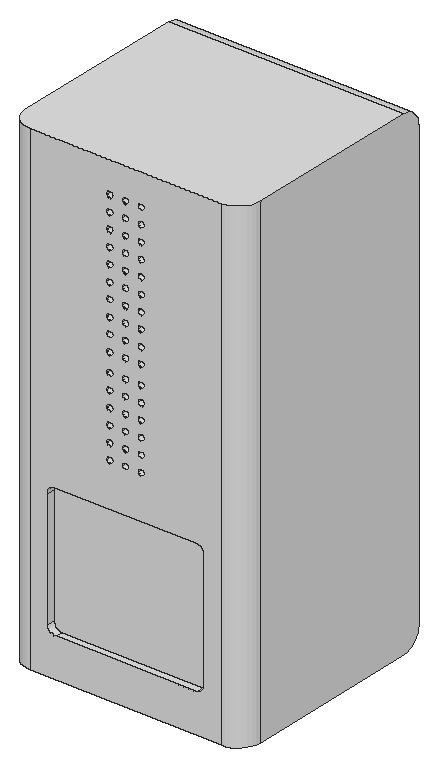
Revit family "PROOX Double toilet roll holder EN", category Furniture, Revit 2014
Parameters (values of type "ONE pure")
  URL = "http://www.proox.com/"
  Type Comments = "ONE pure"
  Product webpage [instance] = "http://www.proox.com/EN/double-toilet-roll-holder-stainless-steel/"
  Product data sheet = "http://www.proox.com/fileadmin/dam/Download/Produktdatenbl%C3%A4tter/english/Productspecification_PU-300.pdf"
  Model = "PU-300"
  Material = PROOX Stainless steel, brushed
  Manufacturer = "PROOX Ltd."  # constant formula
  Keynote = ""
  EAN-No. = "9120050350090"
  Description = "double toilet roll holder PROOX ONE pure made from stainless steel"
  Cost = 215
  BIM objects producer = "www.BIMtelligent.eu"  # constant formula
  Specification = "Double toilet roll holder made out of stainless steel. Surface with fine brushed structure. Cover 1.5 mm thickness. Intended for wall mounting. Perforated filling indicator with 4mm drillings. For two rolls with max. 140mm width and 130mm diameter. Second roll drops into position when flap is moved upwards. Works without spindle system. Lock not visible. Includes stainless steel screws and anchors."
Types (3, lengths in mm): name | Type Comments | Product webpage | Product data sheet | Model | Material | EAN-No. | Description | Cost | Specification
  (no name) | "ONE pure" | "http://www.proox.com/EN/double-toilet-roll-holder-stainless-steel/" | "http://www.proox.com/fileadmin/dam/Download/Produktdatenbl%C3%A4tter/english/Productspecification_PU-300.pdf" | "PU-300" | PROOX Stainless steel, brushed | "9120050350090" | "double toilet roll holder PROOX ONE pure made from stainless steel" | 215 | "Double toilet roll holder made out of stainless steel. Surface with fine brushed structure. Cover 1.5 mm thickness. Intended for wall mounting. Perforated filling indicator with 4mm drillings. For two rolls with max. 140mm width and 130mm diameter. Second roll drops into position when flap is moved upwards. Works without spindle system. Lock not visible. Includes stainless steel screws and anchors."
  ONE pure | "ONE pure" | "http://www.proox.com/EN/double-toilet-roll-holder-stainless-steel/" | "http://www.proox.com/fileadmin/dam/Download/Produktdatenbl%C3%A4tter/english/Productspecification_PU-300.pdf" | "PU-300" | PROOX Stainless steel, brushed | "9120050350090" | "double toilet roll holder PROOX ONE pure made from stainless steel" | 215 | "Double toilet roll holder made out of stainless steel. Surface with fine brushed structure. Cover 1.5 mm thickness. Intended for wall mounting. Perforated filling indicator with 4mm drillings. For two rolls with max. 140mm width and 130mm diameter. Second roll drops into position when flap is moved upwards. Works without spindle system. Lock not visible. Includes stainless steel screws and anchors."
  ONE dark passion | "ONE dark passion" | "http://www.proox.com/EN/double-toilet-roll-holder-black/" | "http://www.proox.com/fileadmin/dam/Download/Produktdatenbl%C3%A4tter/english/Productspecification_DP-300.pdf" | "DP-300" | PROOX Aluminum, black anodised | "9120050350212" | "double toilet roll holder PROOX ONE dark passion made from aluminum black anodized" | 245 | "Double toilet roll holder made out from glass pearl blasted and black anodised aluminum. Cover 3 mm thickness. Intended for wall mounting. Perforated filling indicator with 4mm drillings. For two rolls with max. 140mm width and 130mm diameter. Second roll drops into position when flap is moved upwards. Works without spindle system. Lock not visible. Includes stainless steel screws and anchors."
Reference planes
  plane 1 "Center (Front/Back)": y = 0
  plane 2: z = 0
  plane 3 "Center (Left/Right)": x = 0
  plane 4: x = -75
  plane 5: x = 75
  plane 6: y = -140
  plane 7: z = 290
Forms (mm)
  Extrusion 1, solid, detail levels coarse+medium
    sketch origin (0, 0, 0) x (1, 0, 0) y (0, 1, 0)
      loop
        line (-75, 0) -> (-75, -140) -> (75, -140) -> (75, 0) -> (-75, 0)
    from 0 to 310
  Extrusion 2, solid, material "PROOX Stainless steel, brushed" <- "Material", detail levels fine
    sketch origin (0, 0, 0) x (1, 0, 0) y (0, 1, 0)
      loop
        line (-75, 0) -> (-75, -126)
        arc (-75, -126) -> (-70.899, -135.899) -> (-61, -140) r 14
        line (-61, -140) -> (61, -140)
        arc (61, -140) -> (70.899, -135.899) -> (75, -126) r 14
        line (75, -126) -> (75, 0) -> (-75, 0)
    from 0 to 310
  Extrusion 3, void
    sketch origin (0, 0, 0) x (1, 0, 0) y (0, 0, 1)
      loop
        circle (0, 290) r 2
      loop
        circle (-10, 290) r 2
      loop
        circle (10, 290) r 2
      loop
        circle (0, 280) r 2
      loop
        circle (-10, 280) r 2
      loop
        circle (10, 280) r 2
      loop
        circle (0, 270) r 2
      loop
        circle (-10, 270) r 2
      loop
        circle (10, 270) r 2
      loop
        circle (0, 260) r 2
      loop
        circle (-10, 260) r 2
      loop
        circle (10, 260) r 2
      loop
        circle (0, 250) r 2
      loop
        circle (-10, 250) r 2
      loop
        circle (10, 250) r 2
      loop
        circle (0, 240) r 2
      loop
        circle (-10, 240) r 2
      loop
        circle (10, 240) r 2
      loop
        circle (0, 230) r 2
      loop
        circle (-10, 230) r 2
      loop
        circle (10, 230) r 2
      loop
        circle (0, 220) r 2
      loop
        circle (-10, 220) r 2
      loop
        circle (10, 220) r 2
      loop
        circle (0, 210) r 2
      loop
        circle (-10, 210) r 2
      loop
        circle (10, 210) r 2
      loop
        circle (0, 200) r 2
      loop
        circle (-10, 200) r 2
      loop
        circle (10, 200) r 2
      loop
        circle (0, 188) r 2
      loop
        circle (-10, 188) r 2
      loop
        circle (10, 188) r 2
      loop
        circle (0, 178) r 2
      loop
        circle (-10, 178) r 2
      loop
        circle (10, 178) r 2
      loop
        circle (0, 168) r 2
      loop
        circle (-10, 168) r 2
      loop
        circle (10, 168) r 2
      loop
        circle (0, 158) r 2
      loop
        circle (-10, 158) r 2
      loop
        circle (10, 158) r 2
      loop
        circle (0, 148) r 2
      loop
        circle (-10, 148) r 2
      loop
        circle (10, 148) r 2
      loop
        circle (0, 138) r 2
      loop
        circle (-10, 138) r 2
      loop
        circle (10, 138) r 2
    from 135 to 140
  Extrusion 4, void
    sketch origin (0, 0, 0) x (0, 1, 0) y (0, 0, 1)
      loop
        line (0, 310) -> (-12, 310)
        arc (-12, 310) -> (-3.515, 306.485) -> (0, 298) r 12
        line (0, 298) -> (0, 310)
      loop
        line (0, 0) -> (0, 12)
        arc (0, 12) -> (-3.515, 3.515) -> (-12, 0) r 12
        line (-12, 0) -> (0, 0)
    from 75 to -75
  Extrusion 5, void
    sketch origin (0, 0, 0) x (1, 0, 0) y (0, 0, 1)
      loop
        arc (-45, 110) -> (-48.536, 108.536) -> (-50, 105) r 5
        line (-50, 105) -> (-50, 30)
        arc (-50, 30) -> (-48.536, 26.464) -> (-45, 25) r 5
        line (-45, 25) -> (45, 25)
        arc (45, 25) -> (48.536, 26.464) -> (50, 30) r 5
        line (50, 30) -> (50, 105)
        arc (50, 105) -> (48.536, 108.536) -> (45, 110) r 5
        line (45, 110) -> (-45, 110)
    from 135 to 140
Cuts and joins
  Extrusion 3, Extrusion 4, Extrusion 5 cuts Extrusion 2
Dimensions and locks
  plane 4 to plane 5 = 150 mm
  equal spacing: plane 4, plane 3 "Center (Left/Right)", plane 5
  plane 6 to plane 1 "Center (Front/Back)" = 140 mm
  aligned and locked: level to plane 2
  aligned and locked: plane 1 "Center (Front/Back)" to Extrusion 1 sketch curve
  aligned and locked: Extrusion 1 sketch curve to plane 4
  aligned and locked: plane 6 to Extrusion 1 sketch curve
  aligned and locked: plane 5 to Extrusion 1 sketch curve
  aligned and locked: Extrusion 2 sketch curve to Extrusion 1  (x4)
  aligned and locked: Extrusion 4 sketch curve to Extrusion 1  (x2)
  aligned and locked: Extrusion 4 to plane 5
  aligned and locked: plane 4 to Extrusion 4
Automatic sketch dimensions
  Extrusion 2 sketch curve to Extrusion 2 sketch curve = 14 mm
  plane 5 to Extrusion 2 sketch curve = 14 mm
  Extrusion 4 sketch curve to level = 0 mm
  Extrusion 4 sketch curve to plane 1 "Center (Front/Back)" = 0 mm
  level to Extrusion 4 sketch curve = 12 mm
  Extrusion 4 sketch curve to plane 7 = 8 mm
  Extrusion 3 sketch curve to plane 7 = 0 mm  (x3)
  Extrusion 3 sketch curve to plane 3 "Center (Left/Right)" = 0 mm  (x16)
  Extrusion 3 sketch curve to plane 3 "Center (Left/Right)" = 10 mm  (x5)
  Extrusion 3 sketch curve to Extrusion 3 sketch curve = 10 mm  (x27)
  Extrusion 3 sketch curve to Extrusion 3 sketch curve = 0 mm  (x29)
  plane 3 "Center (Left/Right)" to Extrusion 3 sketch curve = 10 mm  (x12)
  plane 7 to Extrusion 3 sketch curve = 10 mm  (x3)
  Extrusion 3 sketch curve to Extrusion 3 sketch curve = 12 mm
  Extrusion 5 sketch curve to plane 4 = 25 mm
  Extrusion 5 sketch curve to Extrusion 5 sketch curve = 5 mm  (x3)
  plane 5 to Extrusion 5 sketch curve = 30 mm  (x2)
  level to Extrusion 5 sketch curve = 25 mm
  Extrusion 5 sketch curve to Extrusion 5 sketch curve = 75 mm
  radius of Extrusion 3 sketch curve = 2 mm  (x48)
